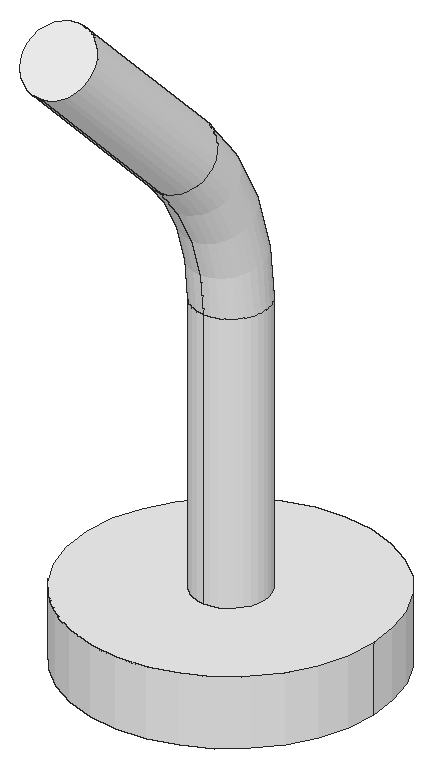
Revit family "Shower_Arm-American_Standard-Modern-1660.241.002", category Pipe Accessories, host Face, Revit 2015
Parameters (values of type "1660.241.002")
  Width = 2 1/2"  # constant formula
  Warranty Documentation Link = "https://www.americanstandard-us.com/-/media/files/warranties/res_warranty_i.pdf?la=en"
  URL = "https://www.americanstandard-us.com"
  Type Comments = ""
  Tempered Connection Radius = Tempered Connection Diameter / 2  # 1/4"
  Tempered Connection Diameter = Hot Water Connection Diameter  # 1/2"
  Product Page URL = "https://www.americanstandard-us.com/bathroom/shower-faucets/modern-shower-arm-16996"
  Product Documentation Link = "https://www.americanstandard-us.com/-/media/sites/asus/files/product-specs/bulk/specsheet1660241.pdf?la=en"
  Price = "Prices may vary. Please consult Manufacturer Representative for most up-to-date price list."  # constant formula
  Model = "1660.241.002"
  Material = "Brass-American Standard-002-Chrome"
  Manufacturer = "American Standard"
  Length = 5 1/2"  # constant formula
  Installation Type = "Wall Mounted"
  Hot Water Connection Radius = Hot Water Connection Diameter / 2  # 1/4"
  Hot Water Connection Diameter = Cold Water Connection Diameter  # 1/2"
  Height = 2 51/256"  # constant formula
  Flow Rate = "2.0 gpm (7.6 L/min)"  # constant formula
  Finish = Brass-American Standard-002-Chrome
  Description = "Modern"  # constant formula
  Default Elevation = 78"  # constant formula
  Creation Date = "12/14/2017"  # constant formula
  Cold Water Connection Radius = 1/4"  # constant formula
  Cold Water Connection Diameter = Cold Water Connection Radius * 2  # 1/2"
  Assembly Code = "D2090800"
Types (5): name | Model | Material | Finish
  (no name) | "1660.241.002" | "Brass-American Standard-002-Chrome" | Brass-American Standard-002-Chrome
  1660.241.002 | "1660.241.002" | "Brass-American Standard-002-Chrome" | Brass-American Standard-002-Chrome
  1660.241.295 | "1660.241.295" | "Brass-American Standard-295-Brushed Nickel" | Brass-American Standard-295-Brushed Nickel
  1660.241.278 | "1660.241.278" | "Brass-American Standard-278-Legacy Bronze" | Brass-American Standard-278-Legacy Bronze
  1660.241.013 | "1660.241.013" | "Brass-American Standard-013-Polished Nickel" | Brass-American Standard-013-Polished Nickel
Reference planes (in)
  plane 1 "Center (Front/Back)": y = 0
  plane 2: z = 0
  plane 3 "Center (Left/Right)": x = 0
  plane 4: y = -2.5
  plane 5: z = 0.5625
  plane 6: y = 1.25
  plane 7: y = -1.25
  plane 8: z = 5.5
  plane 9: through (0, -1.875, 5.5) normal (0, -0.7071, -0.7071)
Forms (in)
  Sweep 1, solid, material "Brass-American Standard-002-Chrome" <- "Finish"
    path origin (0, 0, 0) x (0, 1, 0) y (0, 0, 1)
      loop
        line (0, 0.1856) -> (0, 2.82282)
        arc (0, 2.82282) -> (-0.14742, 3.56394) -> (-0.56722, 4.19222) r 1.93663
        line (-0.56722, 4.19222) -> (-1.875, 5.5)
    profile origin (0, 0, 1.50421) x (0, -1, 0) y (1, 0, 0)
      loop
        circle (0, 0) r 0.29527
  Extrusion 2, solid, material "Brass-American Standard-002-Chrome" <- "Finish"
    sketch origin (0, 0, 0) x (1, 0, 0) y (0, 1, 0)
      loop
        circle (0, 0) r 1.24841
    from 0 to 0.5625
Cuts and joins
  joined: Sweep 1, Extrusion 2
Dimensions and locks (in)
  "Width": plane 1 "Center (Front/Back)" to plane 4
  locked: plane 5 to level at 0.5625
  "Length": plane 8 to level
  equal spacing: plane 6, plane 1 "Center (Front/Back)", plane 7
  "Width": plane 6 to plane 7
  aligned and locked: plane 2 to host face
  aligned and locked: level to host face
  aligned and locked: plane 8 to Sweep 1 sketch curve
  aligned and locked: plane 1 "Center (Front/Back)" to Sweep 1 sketch curve
Automatic sketch dimensions
  host sketch curve to host sketch curve = 96"  (x2)
  plane 1 "Center (Front/Back)" to Extrusion 2 sketch curve = 0"
  Extrusion 2 sketch curve to plane 3 "Center (Left/Right)" = 0"
  plane 9 to Sweep 1 sketch curve = 0"  (x2)
  Sweep 1 sketch curve to plane 4 = 0.56337"
  plane 1 "Center (Front/Back)" to Sweep 1 sketch curve = 0.56722"
  level to Sweep 1 sketch curve = 0.1856"
  Sweep 1 sketch curve to plane 3 "Center (Left/Right)" = 0"
  Sweep 1 sketch curve to profile plane = 0"
  radius of Extrusion 2 sketch curve = 1.24841"
  radius of Sweep 1 sketch curve = 0.29527"
Connectors (in)
  piping at (0, 0, 0), diameter 0.5, driven by "Tempered Connection Diameter"
    settings: on cut or joined group of Sweep 1, Extrusion 2, index 1, connector inside diameter 24", connector length 0", flow factor 0, pipe flow 0 GPM, pressure drop 0.00 psi, fitting loss kfactor 0, connector angle 0.00°, fixture units 0, engagement length 0", angle of deflection 0.00°, flow configuration 0, flow direction 1, fitting loss method 0, system type 29, joint type 0, gender type 0, connector reference index -1, connector utility 0, adjustable connector no, is connector primary yes, connector description "1/2\" NPT Supply Inlet"
